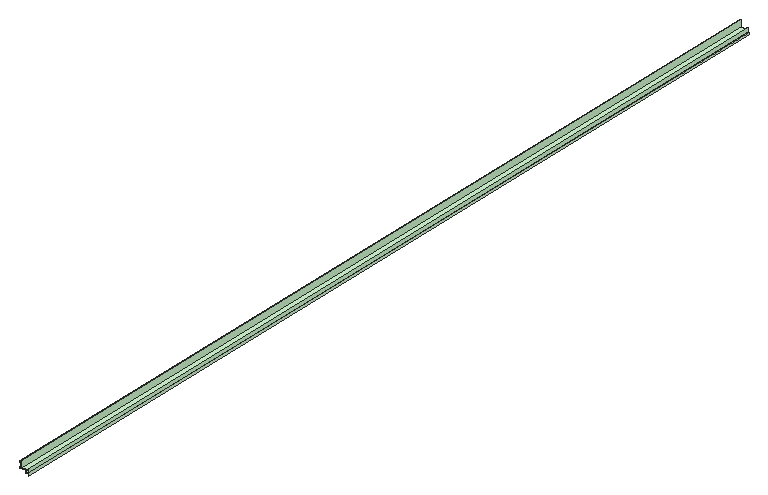
Revit family "点検口バー(外)eAA3831o", category 機械設備, Revit 2020
Family settings
  丸型コネクタ寸法 = 直径を使用
  種別 = なし
  パーツ タイプ = 標準
  作業面ベース = いいえ
  常に垂直 = はい
  ロード時にボイドで切り取り = いいえ
  共有 = いいえ
  部屋計算ポイント = いいえ
Parameters
  製造元 = "株式会社桐井製作所"
  既定の高さ = 0 mm
  URL = "https://www.kirii.co.jp/"
  K_長さ(mm) = 3200 mm
  K_材質 = "アルミ押出形材　A6063S-T5"
  K_品名 = "点検口バー(外)eAA3881o"
  K_名称 = "点検口バー"
  K_入数 = "20"
  K_バージョン情報 = "20220915"
Reference planes
  plane 1 "中心(正面/背面)": y = 0
  plane 2: z = 0
  plane 3 "中心(左/右)": x = 0
  plane 4: y = 3200
Forms (mm)
  Extrusion 1, solid
    sketch origin (0, 0, 0) x (1, 0, 0) y (0, 0, 1)
      loop
        line (-3, 18.5) -> (-3, 20.5) -> (-1.5, 20.5) -> (-1.5, 1.5) -> (-3, 1.5) -> (-3, 3) -> (-4, 3) -> (-4, 0) -> (24.5, 0) -> (24.5, -7) -> (15.165, -7)
        arc (15.165, -7) -> (15.12, -8.024) -> (16, -8.55) r 1
        line (16, -8.55) -> (25, -8.55) -> (25, -15.7) -> (26.5, -15.7) -> (26.5, -7.5)
        arc (26.5, -7.5) -> (26.354, -7.146) -> (26, -7) r 0.5
        line (26, -7) -> (26, 6.5) -> (24.5, 6.5) -> (24.5, 1.5) -> (0, 1.5) -> (0, 22) -> (-4, 22) -> (-4, 18.5) -> (-3, 18.5)
    from 0 to -3200
Dimensions and locks
  plane 4 to plane 1 "中心(正面/背面)" = 3200 mm
  aligned and locked: level to plane 2
